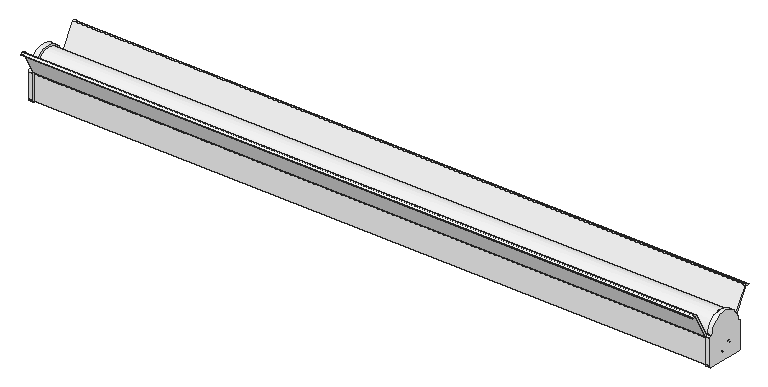
Revit family "0045205+0045233 Feilo Sylvania Lighting Fixture SYLBATTEN LED5-5 6000K TP4 E3 with SYMMETRIC REFLECTOR ACCESSORY 1200MM", category Lighting Fixtures, host Face, Revit 2017
Family settings
  Host = Face
  Round Connector Dimension = Use Diameter
  Part Type = Normal
  OmniClass Number = 23.80.70.00
  OmniClass Title = Lighting
  Cut with Voids When Loaded = No
  Light Source = Yes
  Shared = No
  Room Calculation Point = No
Parameters (values of type "0045205 Emergency mode")
  Width_FEILO = 66 mm
  Weight = "3.1 kg"
  Wattage Comments = "n/a"
  Wattage = 4.20718 W
  WarrantyStartDate [instance] = "n/a"
  WarrantyGuarantorParts = "n/a"
  WarrantyDurationUnit = "n/a"
  WarrantyDurationParts = "n/a"
  WarrantyDescription = "n/a"
  built-in parameter 1150110 = 1 (stored number, unit not read)
  Voltage = 230 V
  URL = "http://www.sylvania-lighting.com"
  TypeName = "SYLBATTEN LED5.5 6000K TP4 E3"
  Type Image = <None>
  Type Comments = "n/a"
  built-in parameter 1114217 = 1 (stored number, unit not read)
  Tilt Angle = -90.00°
  built-in parameter 1150109 = 1 (stored number, unit not read)
  built-in parameter 1150134 = 5
  SymReflector_FEILO = yes
  built-in parameter 1150113 = 1 (stored number, unit not read)
  SerialNumber [instance] = "n/a"
  PowerFactor = 0
  PowerConsumption = "4.20 W"
  Photometric Web File = "0045205+0045233.ies"
  NominalLength = 1205 mm
  NominalHeight = 91 mm
  NominalDepth = 122 mm
  Name = "SYLBATTEN LED5.5 6000K TP4 E3"
  ModelReference = Name  # "SYLBATTEN LED5.5 6000K TP4 E3"
  ModelNumber = "0045205"
  Model = Name  # "SYLBATTEN LED5.5 6000K TP4 E3"
  Material_4_FEILO = Reflector-Sylvania-Sylbatten-White
  Material_3_FEILO = Diffuser-Sylvania-Sylbatten-Glow
  Material_2_FEILO = Body-Sylvania-Sylbatten-White
  Material_1_FEILO = Body-Sylvania-Sylbatten-White
  Material = "sheet steel housing, polycarbonate diffuser"
  ManufacturerName = "Feilo Sylvania"
  Manufacturer = "Feilo Sylvania"
  LuminousEfficacy = "106.9 lm/W"
  built-in parameter 1150105 = 156.85 (stored number, unit not read)
  Lumens = 450 lm
  LuminaireType = ""
  built-in parameter 1150115 = 1 (stored number, unit not read)
  LightOutputRatio = "100"
  built-in parameter 1150137 = (empty or 0)
  built-in parameter 1150139 = (empty or 0)
  Length_FEILO = 1205 mm
  LampsType = Lamp  # "LED"
  LampNominalLuminous = "450 lm"
  LampMacAdamStep = "n/a"
  LampColourTemperature = "6000 K"
  LampColourRenderingIndex = "80"
  built-in parameter 1150112 = 1 (stored number, unit not read)
  built-in parameter 1150114 = 1 (stored number, unit not read)
  Lamp = "LED"
  Keynote = "16500"
  InstallationDate [instance] = "n/a"
  InputVoltage = "220-240V~"
  InputNominalFrequency = "n/a"
  built-in parameter 1150132 = (empty or 0)
  built-in parameter 1150102 = (empty or 0)
  built-in parameter 1150107 = 6000 (stored number, unit not read)
  built-in parameter 1150138 = (empty or 0)
  IngressProtection = "IP20"
  ImpactProtectionIndex = "IK07"
  built-in parameter 1150106 = 1.5685 (stored number, unit not read)
  IfcExportType = "IfcLightFixtureType"
  IfcExportAs = "IfcLightFixtureType"
  Height_FEILO = 76 mm
  ExpectedLife = 50000
  Emit from Rectangle Width = Length_FEILO - 16 mm  # 1189 mm
  Emit from Rectangle Length = Width_FEILO - 40 mm  # 26 mm
  Emit Shape Visible in Rendering = no
  ElectricShockClassification = "Class I"
  built-in parameter 1150104 = 9.9369 (stored number, unit not read)
  DurationUnit = "hours"
  DocumentationLiterature = "http://www.sylvania-lighting.com/product/en-int/products/0045205"
  DimmingControlOptions = "n/a"
  Dimming Lamp Color Temperature Shift = <None>
  Description = "LED batten, T8 replacement, ease of installation through 2 part push-in design of the housing (safety cable included), through wiring capability (TP4 = 4 core), sheet steel, 5883M, 53W, 111lm/W, 6000K, drive current: 350mA, CRI 80, 138° wide beam angle, electronic driver (non dimmable), integral 3 hour maintained emergency, IP20, IK07, 50,000 hrs (L70), (LxWxH) 1205x66x76mm, 5 step MacAdam ellipse, 3kg, white RAL 9016, Class 1, 220-240V, energy class: A++, A+, A."
  Default Elevation = 1219.2 mm
  CreatedOn = "1/25/2018"
  CreatedBy = ""
  Cost = 0
  Color Filter = 16777215
  built-in parameter 1114216 [instance] = (empty or 0)
  ClassificationValue = "EF_70_80"
  ClassificationName = "Uniclass2015"
  CapOffset_FEILO = 2 mm
  BarCode [instance] = "n/a"
  built-in parameter 1114218 = 1 (stored number, unit not read)
  BackReflector_FEILO = and(not(AsymReflector_FEILO), SymReflector_FEILO)  # yes
  built-in parameter 1150133 = 10 (stored number, unit not read)
  FrontReflector_FEILO = or(AsymReflector_FEILO, SymReflector_FEILO)  # yes
  AsymReflector_FEILO = no
  AssetType = "Fixed"
  AssetIdentifier [instance] = "n/a"
  Assembly Code = "D5020200"
  Apparent Load = 4.20718 VA
Types (2, lengths in mm): name | Wattage | PowerConsumption | built-in parameter 1150105 | Lumens | LampNominalLuminous | built-in parameter 1150106 | Apparent Load
  0045205 Emergency mode | 4.20718 W | "4.20 W" | 156.85 (stored number, unit not read) | 450 lm | "450 lm" | 1.5685 (stored number, unit not read) | 4.20718 VA
  0045205 SYLBATTEN LED5.5 6000K TP4 E3 | 55 W | "55 W" | 468.14 (stored number, unit not read) | 5882.8 lm | "5883 lm" | 4.6814 (stored number, unit not read) | 55 VA
Reference planes
  plane 1 "Center (Front/Back)": y = 0
  plane 2: z = 0
  plane 3 "Center (Left/Right)": x = 0
  plane 4: x = 602.5
  plane 5: x = -602.5
  plane 6: y = 33
  plane 7: y = -33
  plane 8: z = 76
  plane 9: z = 47
  plane 10: y = -29
  plane 11: y = 29
  plane 12: z = 20
  plane 13: z = 74
  plane 14: y = -31
  plane 15: y = -27
  plane 16: y = 27
  plane 17: y = 31
  plane 18: z = 2
  plane 19: x = -594.5
  plane 20: x = 594.5
  plane 21: z = 49
  plane 22: y = 1
  plane 23: y = -1
  plane 24: z = 21
  plane 25: z = 19
  plane 26: y = -61
  plane 27: y = 61
  plane 28: y = -56
  plane 29: y = 56
  plane 30: z = 91
  plane 31: z = 88
Forms (mm)
  Extrusion 1, solid, material "Body-Sylvania-Sylbatten-White" <- "Material_2_FEILO"
    sketch origin (0, 0, 0) x (0, 1, 0) y (0, 0, 1)
      loop
        line (-31, 2) -> (31, 2) -> (31, 45)
        arc (31, 45) -> (30.414, 46.414) -> (29, 47) r 2
        line (29, 47) -> (27, 47)
        arc (27, 47) -> (0, 74) -> (-27, 47) r 27
        line (-27, 47) -> (-29, 47)
        arc (-29, 47) -> (-30.414, 46.414) -> (-31, 45) r 2
        line (-31, 45) -> (-31, 2)
    from -594.5 to 594.5
  Extrusion 2, solid, material "Body-Sylvania-Sylbatten-White" <- "Material_2_FEILO"
    sketch origin (602.5, 1524, 1219.2) x (0, 1, 0) y (0, 0, 1)
      loop
        arc (-1494, -1219.2) -> (-1491.879, -1218.321) -> (-1491, -1216.2) r 3
        line (-1491, -1216.2) -> (-1491, -1173.2)
        arc (-1491, -1173.2) -> (-1491.879, -1171.079) -> (-1494, -1170.2) r 3
        line (-1494, -1170.2) -> (-1495.069, -1170.2)
        arc (-1495.069, -1170.2) -> (-1524, -1143.2) -> (-1552.931, -1170.2) r 29
        line (-1552.931, -1170.2) -> (-1554, -1170.2)
        arc (-1554, -1170.2) -> (-1556.121, -1171.079) -> (-1557, -1173.2) r 3
        line (-1557, -1173.2) -> (-1557, -1216.2)
        arc (-1557, -1216.2) -> (-1556.121, -1218.321) -> (-1554, -1219.2) r 3
        line (-1554, -1219.2) -> (-1494, -1219.2)
      loop
        arc (-1525, -1189.25) -> (-1531.071, -1192.129) -> (-1533.95, -1198.2) r 10
        line (-1533.95, -1198.2) -> (-1532.944, -1198.2)
        arc (-1532.944, -1198.2) -> (-1530.364, -1192.836) -> (-1525, -1190.256) r 9
        line (-1525, -1190.256) -> (-1525, -1189.25)
      loop
        arc (-1523, -1190.256) -> (-1517.636, -1192.836) -> (-1515.056, -1198.2) r 9
        line (-1515.056, -1198.2) -> (-1514.05, -1198.2)
        arc (-1514.05, -1198.2) -> (-1516.929, -1192.129) -> (-1523, -1189.25) r 10
        line (-1523, -1189.25) -> (-1523, -1190.256)
      loop
        line (-1532.944, -1200.2) -> (-1533.95, -1200.2)
        arc (-1533.95, -1200.2) -> (-1531.071, -1206.271) -> (-1525, -1209.15) r 10
        line (-1525, -1209.15) -> (-1525, -1208.144)
        arc (-1525, -1208.144) -> (-1530.364, -1205.564) -> (-1532.944, -1200.2) r 9
      loop
        arc (-1515.056, -1200.2) -> (-1517.636, -1205.564) -> (-1523, -1208.144) r 9
        line (-1523, -1208.144) -> (-1523, -1209.15)
        arc (-1523, -1209.15) -> (-1516.929, -1206.271) -> (-1514.05, -1200.2) r 10
        line (-1514.05, -1200.2) -> (-1515.056, -1200.2)
    from 0 to -8
  Extrusion 3, solid, material "Body-Sylvania-Sylbatten-White" <- "Material_2_FEILO"
    sketch origin (-602.5, 1524, 1219.2) x (0, 1, 0) y (0, 0, 1)
      loop
        arc (-1495.069, -1170.2) -> (-1524, -1143.2) -> (-1552.931, -1170.2) r 29
        line (-1552.931, -1170.2) -> (-1554, -1170.2)
        arc (-1554, -1170.2) -> (-1556.121, -1171.079) -> (-1557, -1173.2) r 3
        line (-1557, -1173.2) -> (-1557, -1216.2)
        arc (-1557, -1216.2) -> (-1556.121, -1218.321) -> (-1554, -1219.2) r 3
        line (-1554, -1219.2) -> (-1494, -1219.2)
        arc (-1494, -1219.2) -> (-1491.879, -1218.321) -> (-1491, -1216.2) r 3
        line (-1491, -1216.2) -> (-1491, -1173.2)
        arc (-1491, -1173.2) -> (-1491.879, -1171.079) -> (-1494, -1170.2) r 3
        line (-1494, -1170.2) -> (-1495.069, -1170.2)
      loop
        line (-1533.95, -1198.2) -> (-1532.944, -1198.2)
        arc (-1532.944, -1198.2) -> (-1530.364, -1192.836) -> (-1525, -1190.256) r 9
        line (-1525, -1190.256) -> (-1525, -1189.25)
        arc (-1525, -1189.25) -> (-1531.071, -1192.129) -> (-1533.95, -1198.2) r 10
      loop
        line (-1523, -1189.25) -> (-1523, -1190.256)
        arc (-1523, -1190.256) -> (-1517.636, -1192.836) -> (-1515.056, -1198.2) r 9
        line (-1515.056, -1198.2) -> (-1514.05, -1198.2)
        arc (-1514.05, -1198.2) -> (-1516.929, -1192.129) -> (-1523, -1189.25) r 10
      loop
        line (-1514.05, -1200.2) -> (-1515.056, -1200.2)
        arc (-1515.056, -1200.2) -> (-1517.636, -1205.564) -> (-1523, -1208.144) r 9
        line (-1523, -1208.144) -> (-1523, -1209.15)
        arc (-1523, -1209.15) -> (-1516.929, -1206.271) -> (-1514.05, -1200.2) r 10
      loop
        line (-1525, -1209.15) -> (-1525, -1208.144)
        arc (-1525, -1208.144) -> (-1530.364, -1205.564) -> (-1532.944, -1200.2) r 9
        line (-1532.944, -1200.2) -> (-1533.95, -1200.2)
        arc (-1533.95, -1200.2) -> (-1531.071, -1206.271) -> (-1525, -1209.15) r 10
    from 0 to 8
  Extrusion 4, solid, material "Reflector-Sylvania-Sylbatten-White" <- "Material_4_FEILO", visible <- "FrontReflector_FEILO"
    sketch origin (0, 0, 0) x (0, 1, 0) y (0, 0, 1)
      loop
        line (-61.257, 88.429) -> (-60.743, 87.571) -> (-56.621, 90.044)
        arc (-56.621, 90.044) -> (-56.237, 90.099) -> (-55.929, 89.863) r 0.5
        line (-55.929, 89.863) -> (-31.435, 46.753) -> (-30.565, 47.247) -> (-55.312, 90.802)
        arc (-55.312, 90.802) -> (-55.928, 91.275) -> (-56.696, 91.165) r 1
        line (-56.696, 91.165) -> (-61.257, 88.429)
    from -594.5 to 594.5
  Extrusion 5, solid, material "Reflector-Sylvania-Sylbatten-White" <- "Material_4_FEILO", visible <- "BackReflector_FEILO"
    sketch origin (0, 0, 0) x (0, 1, 0) y (0, 0, 1)
      loop
        line (30.565, 47.247) -> (31.435, 46.753) -> (55.932, 89.868)
        arc (55.932, 89.868) -> (56.245, 90.112) -> (56.638, 90.062) r 0.518
        line (56.638, 90.062) -> (61.033, 87.565) -> (61.527, 88.435) -> (56.682, 91.188)
        arc (56.682, 91.188) -> (55.922, 91.282) -> (55.318, 90.812) r 1
        line (55.318, 90.812) -> (30.565, 47.247)
    from -594.5 to 594.5
Lines and regions (mm)
  reference lines
    curve 1: line (0, -61, 88) -> (0, -56, 91)
    curve 2: line (0, -56, 91) -> (0, -31, 47)
    curve 3: line (0, 31, 47) -> (0, 56, 91)
    curve 4: line (0, 56, 91) -> (0, 61.28, 88)
Dimensions and locks
  equal spacing: plane 5, plane 3 "Center (Left/Right)", plane 4
  equal spacing: plane 7, plane 1 "Center (Front/Back)", plane 6
  "Width_FEILO": plane 7 to plane 6
  "Length_FEILO": plane 5 to plane 4
  "Height_FEILO": plane 8 to plane 2
  locked: plane 9 to plane 8 at 29
  equal spacing: plane 10, plane 1 "Center (Front/Back)", plane 11
  locked: plane 7 to plane 10 at 4
  locked: plane 12 to plane 2 at 20
  "CapOffset_FEILO": plane 13 to plane 8
  "CapOffset_FEILO": plane 7 to plane 14
  "CapOffset_FEILO": plane 10 to plane 15
  "CapOffset_FEILO": plane 17 to plane 6
  "CapOffset_FEILO": plane 16 to plane 11
  "CapOffset_FEILO": plane 18 to plane 2
  locked: plane 14 to Extrusion 1 sketch curve at 2
  locked: Extrusion 1 sketch curve to plane 9 at 2  (x2)
  locked: plane 16 to Extrusion 1 sketch curve at 2
  equal spacing: plane 19, plane 3 "Center (Left/Right)", plane 20
  locked: plane 5 to plane 19 at 8
  "CapOffset_FEILO": plane 9 to plane 21
  locked: Extrusion 2 sketch curve to plane 2 at 47
  locked: Extrusion 1 sketch curve to plane 2 at 47
  locked: Extrusion 2 sketch curve to plane 2 at 3  (x2)
  locked: plane 7 to Extrusion 2 sketch curve at 3  (x2)
  locked: Extrusion 2 sketch curve to plane 6 at 3  (x2)
  locked: Extrusion 2 sketch curve to plane 21 at 3  (x2)
  equal spacing: plane 23, plane 1 "Center (Front/Back)", plane 22
  equal spacing: plane 25, plane 12, plane 24
  plane 30 to plane 31 to plane 2 = 3 mm locked, 88 mm locked
  plane 28 to plane 29 = 112 mm
  plane 26 to plane 27 = 122 mm
  aligned and locked: plane 2 to host face
  aligned and locked: level to host face
  aligned and locked: plane 18 to Extrusion 1 sketch curve
  aligned and locked: plane 14 to Extrusion 1 sketch curve
  aligned and locked: Extrusion 1 sketch curve to plane 9  (x2)
  aligned and locked: Extrusion 1 sketch curve to plane 17
  aligned and locked: plane 15 to Extrusion 1 sketch curve
  aligned and locked: plane 16 to Extrusion 1 sketch curve
  aligned and locked: plane 9 to Extrusion 1 sketch curve
  aligned and locked: plane 20 to Extrusion 1
  aligned and locked: level to Extrusion 2 sketch curve
  aligned and locked: Extrusion 2 sketch curve to plane 7
  aligned and locked: plane 21 to Extrusion 2 sketch curve
  aligned and locked: Extrusion 2 sketch curve to plane 21
  aligned and locked: plane 1 "Center (Front/Back)" to Extrusion 2 sketch curve  (x3)
  aligned and locked: Extrusion 2 to Extrusion 1
  aligned and locked: plane 4 to Extrusion 2
  aligned and locked: plane 12 to Extrusion 2 sketch curve  (x2)
  aligned and locked: Extrusion 2 sketch curve to plane 22
  aligned and locked: Extrusion 2 sketch curve to plane 23
  aligned and locked: Extrusion 2 sketch curve to plane 24
  aligned and locked: Extrusion 2 sketch curve to plane 25
  aligned and locked: plane 25 to Extrusion 2 sketch curve
  aligned and locked: plane 22 to Extrusion 2 sketch curve
  aligned and locked: plane 24 to Extrusion 2 sketch curve
  aligned and locked: plane 23 to Extrusion 2 sketch curve  (x2)
  aligned and locked: Extrusion 3 sketch curve to Extrusion 2  (x22)
  aligned and locked: Extrusion 3 to Extrusion 1
  aligned and locked: Extrusion 3 to plane 5
  aligned and locked: plane 19 to Extrusion 3
  aligned and locked: plane 31 to curve 1
  aligned and locked: plane 30 to curve 1
  aligned and locked: plane 14 to curve 2
  aligned and locked: plane 9 to curve 2
  aligned and locked: plane 17 to curve 3
  aligned and locked: plane 30 to curve 3
  aligned and locked: plane 31 to curve 4
  aligned and locked: Extrusion 4 sketch curve to curve 2
  aligned and locked: Extrusion 4 sketch curve to curve 1
  aligned and locked: Extrusion 4 to Extrusion 1
  aligned and locked: Extrusion 1 to Extrusion 4
  aligned and locked: imposter light to plane 1 "Center (Front/Back)"
  aligned and locked: imposter light to plane 3 "Center (Left/Right)"
  aligned and locked: imposter light to plane 13
  aligned and locked: Extrusion 5 sketch curve to curve 4
  aligned and locked: Extrusion 5 sketch curve to curve 3
  aligned and locked: Extrusion 1 to Extrusion 5
  aligned and locked: Extrusion 5 to Extrusion 1
Automatic sketch dimensions
  host sketch curve to host sketch curve = 2438.4 mm  (x2)
  Extrusion 2 sketch curve to Extrusion 2 sketch curve = 0 mm  (x14)
  Extrusion 2 sketch curve to plane 10 = 0.069 mm
  plane 23 to Extrusion 2 sketch curve = 8.95 mm
  Extrusion 2 sketch curve to Extrusion 2 sketch curve = 1.006 mm  (x4)
  Extrusion 2 sketch curve to plane 22 = 7.944 mm
  curve 1 to plane 26 = 0 mm
  curve 2 to plane 28 = 0 mm
  curve 4 to plane 29 = 0 mm
  plane 9 to curve 3 = 0 mm
  plane 26 to Extrusion 4 sketch curve = 0.257 mm
  Extrusion 4 sketch curve to plane 26 = 0.257 mm
  Extrusion 4 sketch curve to plane 30 = 0.165 mm
  plane 28 to Extrusion 4 sketch curve = 0.696 mm
  plane 28 to Extrusion 4 sketch curve = 0.621 mm
  plane 28 to Extrusion 4 sketch curve = 0.364 mm
  plane 28 to Extrusion 4 sketch curve = 0.182 mm
  Extrusion 4 sketch curve to plane 28 = 0.071 mm
  plane 30 to Extrusion 4 sketch curve = 0.198 mm
  Extrusion 4 sketch curve to plane 28 = 0.688 mm
  plane 9 to Extrusion 4 sketch curve = 0.247 mm
  plane 1 "Center (Front/Back)" to Extrusion 4 sketch curve = 31.435 mm
  Extrusion 5 sketch curve to plane 9 = 0.247 mm
  Extrusion 5 sketch curve to plane 1 "Center (Front/Back)" = 30.565 mm
  plane 9 to Extrusion 5 sketch curve = 0.247 mm
  plane 30 to Extrusion 5 sketch curve = 0.188 mm
  plane 29 to Extrusion 5 sketch curve = 0.068 mm
  Extrusion 5 sketch curve to plane 29 = 0.188 mm
  Extrusion 5 sketch curve to plane 29 = 0.382 mm
  Extrusion 5 sketch curve to Extrusion 5 sketch curve = 0.256 mm
  Extrusion 5 sketch curve to plane 30 = 0.188 mm
  Extrusion 5 sketch curve to plane 29 = 0.682 mm
  Extrusion 5 sketch curve to plane 27 = 0.033 mm
  Extrusion 5 sketch curve to plane 27 = 0.527 mm
Connectors
  electrical at (0, 0, 0), driven by "Apparent Load", driven by "PowerFactor", driven by "Voltage"
    settings: index 1, voltage 230 V, apparent load 4.20718 VA, apparent load phase1 0 VA, apparent load phase2 0 VA, apparent load phase3 0 VA, power factor 0, load classification "Lighting", number of poles 1, system type 30, power factor state 1, is connector primary yes, connector utility no, sub classification motor no, connector description ""
